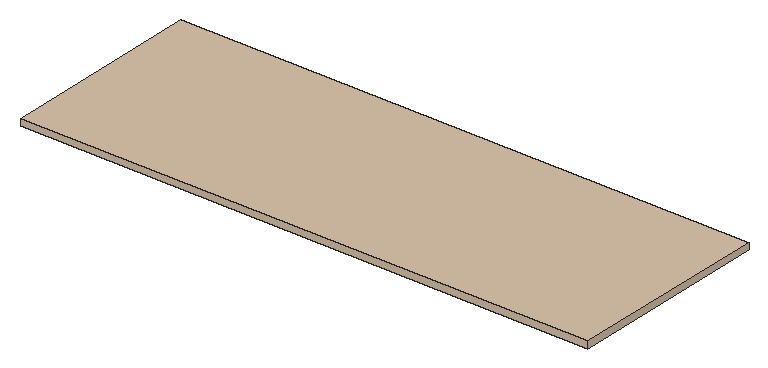
Revit family "Haworth_Masters_StorageTop_Rectangular", category Furniture Systems, Revit 2018
Family settings
  Round Connector Dimension = Use Diameter
  Part Type = Normal
  OmniClass Number = 23.40.70.14.64.21
  OmniClass Title = Systems Furniture
  Work Plane-Based = No
  Always vertical = Yes
  Cut with Voids When Loaded = No
  Shared = No
  Room Calculation Point = No
Parameters (values of type "36d 102w")
  Worksurface Finish [instance] = Haworth _ Wood _ White Oak
  Width = 102"
  Warranty = "http://www.haworth.com/resources/product-info/warranties"
  URL - Product = "http://www.haworth.com/products/desks/freestanding/masters-series"
  Sustainability Info = "https://www.haworth.com/company-info/sustainability"
  Standard Depths = "36 1/8 in."  # constant formula
  Worksurface Thickness = 1 3/16"  # constant formula
  Model = "XLWT, XZWT"  # constant formula
  URL = "www.haworth.com"
  Size = "Verify Final Dim. w/ Haworth"  # constant formula
  Revision Number = "1"  # constant formula
  Min. Width = 60"  # constant formula
  Min. Depth = 36 1/8"  # constant formula
  Max. Width = 108"  # constant formula
  Max. Depth = 36 1/8"  # constant formula
  Manufacturer = "Haworth"  # constant formula
  Edge Finish [instance] = Haworth _ Wood _ White Oak
  Description = "Haworth - Masters - Common Storage Top - 36d 102w"
  Custom Size = not(or(Width = 60", Width = 66", Width = 72", Width = 90", Width = 96", Width = 102", Width = 108"))  # no
  Author = "Haworth (Alias)"  # constant formula
  Assembly Code = "E2020200"
  Actual Width = if(Width < Min. Width, Min. Width, if(Width > Max. Width, Max. Width, Width))  # 102"
  Actual Height = 29 5/32"  # constant formula
  Actual Depth = 36 1/8"  # constant formula
  Standard Widths = "60, 66, 72, 90, 96, 102, 108 in."  # constant formula
Types (7): name | Width | Description | Actual Width
  36d 108w | 108" | "Haworth - Masters - Common Storage Top - 36d 108w" | 108"
  36d 102w | 102" | "Haworth - Masters - Common Storage Top - 36d 102w" | 102"
  36d 96w | 96" | "Haworth - Masters - Common Storage Top - 36d 96w" | 96"
  36d 90w | 90" | "Haworth - Masters - Common Storage Top - 36d 90w" | 90"
  36d 72w | 72" | "Haworth - Masters - Common Storage Top - 36d 72w" | 72"
  36d 66w | 66" | "Haworth - Masters - Common Storage Top - 36d 66w" | 66"
  36d 60w | 60" | "Haworth - Masters - Common Storage Top - 36d 60w" | 60"
Reference planes (in)
  plane 1 "Back": y = -10
  plane 2: z = 0
  plane 3 "Center L/R": x = 29.0625
  plane 4 "Top": z = 29.15625
  plane 5 "Bottom of Top": z = 27.96875
  plane 6 "Front": y = -46.125
  plane 7 "Left Side": x = -21.9375
  plane 8 "Right Side": x = 80.0625
  plane 9 "Center F/B": y = -28.0625
Forms (in)
  Extrusion 1, solid, material "Haworth _ Wood _ White Oak" <- "Worksurface Finish"
    sketch origin (0, 0, 29.15625) x (0, 1, 0) y (-1, 0, 0)
      loop
        line (-46.125, 21.9375) -> (-46.125, -80.0625) -> (-10, -80.0625) -> (-10, 21.9375) -> (-46.125, 21.9375)
    from 0 to -1.1875
Lines and regions (in)
  Masking region 1
    outline origin (0, 0, 27.96875) x (0, 1, 0) y (-1, 0, 0)
      loop
        line (-10, -80.0625) -> (-10, 21.9375) -> (-46.125, 21.9375) -> (-46.125, -80.0625) -> (-10, -80.0625)
  symbolic lines, style "Haworth Hidden", not visible, detail levels fine
    curve 1: line (78.53125, -15.5, 0) -> (78.53125, -16.25, 0)
Dimensions and locks (in)
  "Actual Height": plane 4 "Top" to level
  "Actual Depth": plane 1 "Back" to plane 6 "Front"
  equal spacing: plane 7 "Left Side", plane 3 "Center L/R", plane 8 "Right Side"
  "Actual Width": plane 7 "Left Side" to plane 8 "Right Side"
  "Worksurface Thickness": plane 4 "Top" to plane 5 "Bottom of Top"
  equal spacing: plane 1 "Back", plane 9 "Center F/B", plane 6 "Front"
  aligned and locked: level to plane 2
  aligned and locked: plane 6 "Front" to Extrusion 1 sketch curve
  aligned and locked: Extrusion 1 sketch curve to plane 8 "Right Side"
  aligned and locked: plane 1 "Back" to Extrusion 1 sketch curve
  aligned and locked: Extrusion 1 to plane 5 "Bottom of Top"
  aligned and locked: Extrusion 1 to plane 4 "Top"
  aligned and locked: Extrusion 1 to plane 7 "Left Side"
  aligned and locked: plane 7 "Left Side" to Extrusion 1 sketch curve
  aligned and locked: Masking region 1 sketch curve to plane 1 "Back"
  aligned and locked: plane 8 "Right Side" to Masking region 1 sketch curve
  aligned and locked: Masking region 1 sketch curve to plane 6 "Front"
  aligned and locked: Masking region 1 sketch curve to plane 7 "Left Side"
Automatic sketch dimensions
  curve 1 to curve 1 = 3/4"
  plane 1 "Back" to curve 1 = 5 1/2"
  curve 1 to plane 8 "Right Side" = 1 17/32"
